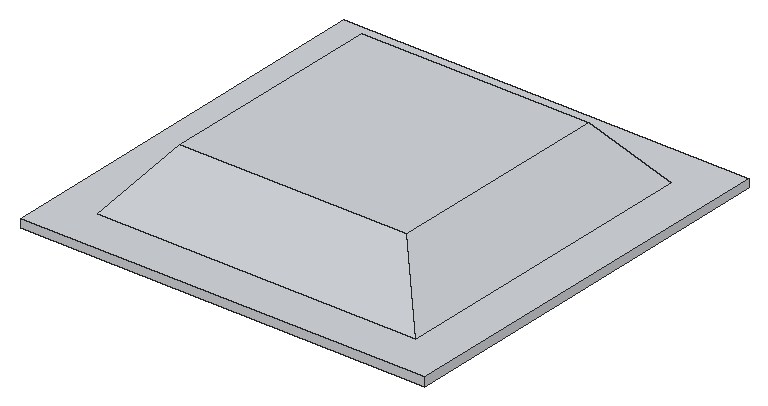
Revit family "Difusor de retorno - Quadrado", category Terminais de ar, Revit 2019
Family settings
  Cota do conector redondo = Utilizar diâmetro
  Tipo de parte = Normal
  ID de item do Seek = Supply Diffuser - Rectangular Face Round Neck-0000-CAN-ENU
  Com base no plano de trabalho = Não
  Sempre na vertical = Sim
  Corte com vazios quando carregada = Não
  Compartilhado = Não
  Ponto de cálculo do ambiente = Não
Parameters (values of type "Padrão")
  Queda de pressão [instance] = 0.0 Pa
  Largura da lâmina 4 = Largura da grelha * 4 / 5  # 195.2 mm
  Largura da lâmina 3 = Largura da grelha * 3 / 5  # 146.4 mm
  Largura da lâmina 2 = Largura da grelha * 2 / 5  # 97.6 mm
  Largura da lâmina 1 = Largura da grelha * 1 / 5  # 48.8 mm
  Largura da grelha = 244 mm
  Material do difusor = none
  Altura do difusor = 40 mm
  Largura do difusor = 192 mm
  UpFlowArrow [instance] = yes
  Largura do difusor 2 = Largura do difusor - 55 mm  # 137 mm
  RightFlowArrow [instance] = yes
  LeftFlowArrow [instance] = yes
  Fluxo [instance] = 0.0 L/s
  Largura do duto = 150 mm
  DownFlowArrow [instance] = yes
  Assembly Code = ""
Reference planes
  plane 1 "Centro (frente/trás)": y = 0
  plane 2: z = 0
  plane 3 "Centro (direita/esquerda)": x = 0
  plane 4: x = 457.2
  plane 5: y = 457.2
  plane 6: x = -457.2
  plane 7: y = -457.2
  plane 8 "Face da grelha": z = -5
  plane 9 "Inferior": z = 0
  plane 10 "Superior": z = 35
  plane 11 "Esquerda da grelha": x = -122
  plane 12 "Direita da grelha": x = 122
  plane 13 "Traseira da grelha": y = 122
  plane 14 "Frente da grelha": y = -122
  plane 15 "Esquerda": x = -96
  plane 16 "Direita": x = 96
  plane 17 "Parte posterior": y = 96
  plane 18 "Parte frontal": y = -96
  plane 19 "Frente superior do difusor": y = -68.5
  plane 20 "Traseira superior do difusor": y = 68.5
  plane 21 "Direita superior do difusor": x = 68.5
  plane 22 "Esquerda superior do difusor": x = -68.5
  plane 23 "Direita da lâmina 4": x = 97.6
  plane 24 "Frente da lâmina 4": y = -97.6
  plane 25 "Traseira da lâmina 4": y = 97.6
  plane 26 "Esquerda da lâmina 4": x = -97.6
  plane 27 "Traseira da lâmina 3": y = 73.2
  plane 28 "Frente da lâmina 3": y = -73.2
  plane 29 "Esquerda da lâmina 3": x = -73.2
  plane 30 "Direita da lâmina 3": x = 73.2
  plane 31 "Traseira da lâmina 2": y = 48.8
  plane 32 "Frente da lâmina 2": y = -48.8
  plane 33 "Direita da lâmina 2": x = 48.8
  plane 34 "Esquerda da lâmina 2": x = -48.8
  plane 35 "Esquerda da lâmina 1": x = -24.4
  plane 36 "Direita da lâmina 1": x = 24.4
  plane 37 "Traseira a lâmina 1": y = 24.4
  plane 38 "Frente da lâmina 1": y = -24.4
Forms (mm)
  Blend 1, solid, material <- "Material do difusor"
    base sketch origin (0, 0, 0) x (1, 0, 0) y (0, 1, 0)
      loop
        line (-96, 96) -> (-96, -96) -> (96, -96) -> (96, 96) -> (-96, 96)
    top sketch origin (0, 0, 0) x (1, 0, 0) y (0, 1, 0)
      loop
        line (-68.5, 68.5) -> (-68.5, -68.5) -> (68.5, -68.5) -> (68.5, 68.5) -> (-68.5, 68.5)
    from 0 to 35
  Extrusion 2, solid, material <- "Material do difusor"
    sketch origin (0, 0, 0) x (1, 0, 0) y (0, 1, 0)
      loop
        line (-122, 122) -> (-122, -122) -> (122, -122) -> (122, 122) -> (-122, 122)
    from 0 to -5
Lines and regions (mm)
  symbolic lines
    curve 1: line (-96, 96, 0) -> (96, 96, 0)
    curve 2: line (96, 96, 0) -> (96, -96, 0)
    curve 3: line (96, -96, 0) -> (-96, -96, 0)
    curve 4: line (-96, -96, 0) -> (-96, 96, 0)
    curve 5: line (-96, 96, 0) -> (96, -96, 0)
    curve 6: line (-96, -96, 0) -> (96, 96, 0)
  model lines
    curve 7: line (-24.4, 24.4, -5) -> (24.4, 24.4, -5)
    curve 8: line (-24.4, -24.4, -5) -> (-24.4, 24.4, -5)
    curve 9: line (24.4, -24.4, -5) -> (-24.4, -24.4, -5)
    curve 10: line (24.4, 24.4, -5) -> (24.4, -24.4, -5)
    curve 11: line (-48.8, 48.8, -5) -> (48.8, 48.8, -5)
    curve 12: line (-48.8, -48.8, -5) -> (-48.8, 48.8, -5)
    curve 13: line (48.8, -48.8, -5) -> (-48.8, -48.8, -5)
    curve 14: line (48.8, 48.8, -5) -> (48.8, -48.8, -5)
    curve 15: line (-73.2, 73.2, -5) -> (73.2, 73.2, -5)
    curve 16: line (-73.2, -73.2, -5) -> (-73.2, 73.2, -5)
    curve 17: line (73.2, -73.2, -5) -> (-73.2, -73.2, -5)
    curve 18: line (73.2, 73.2, -5) -> (73.2, -73.2, -5)
    curve 19: line (-97.6, 97.6, -5) -> (97.6, 97.6, -5)
    curve 20: line (-97.6, -97.6, -5) -> (-97.6, 97.6, -5)
    curve 21: line (97.6, -97.6, -5) -> (-97.6, -97.6, -5)
    curve 22: line (97.6, 97.6, -5) -> (97.6, -97.6, -5)
Dimensions and locks
  "Largura da grelha": nested 3 to plane 3 "Centro (direita/esquerda)"
  "Largura da grelha": nested 2 to plane 1 "Centro (frente/trás)"
  "Largura da grelha": plane 3 "Centro (direita/esquerda)" to nested 1
  "Largura da grelha": nested 4 to plane 1 "Centro (frente/trás)"
  locked: plane 9 "Inferior" to plane 8 "Face da grelha" at 5
  "Altura do difusor": plane 10 "Superior" to plane 8 "Face da grelha"
  equal spacing: plane 11 "Esquerda da grelha", plane 3 "Centro (direita/esquerda)", plane 12 "Direita da grelha"
  "Largura da grelha": plane 11 "Esquerda da grelha" to plane 12 "Direita da grelha"
  equal spacing: plane 13 "Traseira da grelha", plane 1 "Centro (frente/trás)", plane 14 "Frente da grelha"
  "Largura da grelha": plane 13 "Traseira da grelha" to plane 14 "Frente da grelha"
  equal spacing: plane 18 "Parte frontal", plane 1 "Centro (frente/trás)", plane 17 "Parte posterior"
  "Largura do difusor": plane 17 "Parte posterior" to plane 18 "Parte frontal"
  equal spacing: plane 15 "Esquerda", plane 3 "Centro (direita/esquerda)", plane 16 "Direita"
  "Largura do difusor": plane 15 "Esquerda" to plane 16 "Direita"
  equal spacing: plane 20 "Traseira superior do difusor", plane 1 "Centro (frente/trás)", plane 19 "Frente superior do difusor"
  "Largura do difusor 2": plane 20 "Traseira superior do difusor" to plane 19 "Frente superior do difusor"
  "Largura do difusor 2": plane 22 "Esquerda superior do difusor" to plane 21 "Direita superior do difusor"
  equal spacing: plane 22 "Esquerda superior do difusor", plane 3 "Centro (direita/esquerda)", plane 21 "Direita superior do difusor"
  equal spacing: plane 26 "Esquerda da lâmina 4", plane 3 "Centro (direita/esquerda)", plane 23 "Direita da lâmina 4"
  "Largura da lâmina 4": plane 26 "Esquerda da lâmina 4" to plane 23 "Direita da lâmina 4"
  equal spacing: plane 24 "Frente da lâmina 4", plane 1 "Centro (frente/trás)", plane 25 "Traseira da lâmina 4"
  "Largura da lâmina 4": plane 24 "Frente da lâmina 4" to plane 25 "Traseira da lâmina 4"
  equal spacing: plane 29 "Esquerda da lâmina 3", plane 3 "Centro (direita/esquerda)", plane 30 "Direita da lâmina 3"
  "Largura da lâmina 3": plane 29 "Esquerda da lâmina 3" to plane 30 "Direita da lâmina 3"
  equal spacing: plane 28 "Frente da lâmina 3", plane 1 "Centro (frente/trás)", plane 27 "Traseira da lâmina 3"
  "Largura da lâmina 3": plane 28 "Frente da lâmina 3" to plane 27 "Traseira da lâmina 3"
  equal spacing: plane 31 "Traseira da lâmina 2", plane 1 "Centro (frente/trás)", plane 32 "Frente da lâmina 2"
  "Largura da lâmina 2": plane 32 "Frente da lâmina 2" to plane 31 "Traseira da lâmina 2"
  equal spacing: plane 34 "Esquerda da lâmina 2", plane 3 "Centro (direita/esquerda)", plane 33 "Direita da lâmina 2"
  "Largura da lâmina 2": plane 34 "Esquerda da lâmina 2" to plane 33 "Direita da lâmina 2"
  equal spacing: plane 37 "Traseira a lâmina 1", plane 1 "Centro (frente/trás)", plane 38 "Frente da lâmina 1"
  "Largura da lâmina 1": plane 38 "Frente da lâmina 1" to plane 37 "Traseira a lâmina 1"
  equal spacing: plane 35 "Esquerda da lâmina 1", plane 3 "Centro (direita/esquerda)", plane 36 "Direita da lâmina 1"
  "Largura da lâmina 1": plane 35 "Esquerda da lâmina 1" to plane 36 "Direita da lâmina 1"
  aligned and locked: curve 1 to Blend 1
  aligned and locked: curve 2 to Blend 1
  aligned and locked: curve 3 to Blend 1
  aligned and locked: curve 4 to Blend 1
  aligned and locked: plane 3 "Centro (direita/esquerda)" to nested 2
  aligned and locked: plane 1 "Centro (frente/trás)" to nested 1
  aligned and locked: nested 4 to plane 3 "Centro (direita/esquerda)"
  aligned and locked: nested 3 to plane 1 "Centro (frente/trás)"
  aligned and locked: plane 2 to plane 9 "Inferior"
  aligned and locked: plane 10 "Superior" to Blend 1
  aligned and locked: Extrusion 2 to plane 9 "Inferior"
  aligned and locked: Extrusion 2 to plane 8 "Face da grelha"
  aligned and locked: Extrusion 2 sketch curve to plane 13 "Traseira da grelha"
  aligned and locked: plane 11 "Esquerda da grelha" to Extrusion 2 sketch curve
  aligned and locked: plane 14 "Frente da grelha" to Extrusion 2 sketch curve
  aligned and locked: Extrusion 2 sketch curve to plane 12 "Direita da grelha"
  aligned and locked: Blend 1 sketch curve to plane 17 "Parte posterior"
  aligned and locked: plane 15 "Esquerda" to Blend 1 sketch curve
  aligned and locked: Blend 1 sketch curve to plane 18 "Parte frontal"
  aligned and locked: plane 16 "Direita" to Blend 1 sketch curve
  aligned and locked: Blend 1 sketch curve to plane 19 "Frente superior do difusor"
  aligned and locked: plane 22 "Esquerda superior do difusor" to Blend 1 sketch curve
  aligned and locked: Blend 1 sketch curve to plane 20 "Traseira superior do difusor"
  aligned and locked: plane 21 "Direita superior do difusor" to Blend 1 sketch curve
  aligned and locked: curve 20 to plane 26 "Esquerda da lâmina 4"
  aligned and locked: plane 25 "Traseira da lâmina 4" to curve 19
  aligned and locked: curve 22 to plane 23 "Direita da lâmina 4"
  aligned and locked: plane 24 "Frente da lâmina 4" to curve 21
  aligned and locked: curve 16 to plane 29 "Esquerda da lâmina 3"
  aligned and locked: plane 28 "Frente da lâmina 3" to curve 17
  aligned and locked: curve 18 to plane 30 "Direita da lâmina 3"
  aligned and locked: plane 27 "Traseira da lâmina 3" to curve 15
  aligned and locked: plane 32 "Frente da lâmina 2" to curve 13
  aligned and locked: curve 14 to plane 33 "Direita da lâmina 2"
  aligned and locked: plane 31 "Traseira da lâmina 2" to curve 11
  aligned and locked: curve 12 to plane 34 "Esquerda da lâmina 2"
  aligned and locked: curve 8 to plane 35 "Esquerda da lâmina 1"
  aligned and locked: plane 37 "Traseira a lâmina 1" to curve 7
  aligned and locked: curve 10 to plane 36 "Direita da lâmina 1"
  aligned and locked: plane 38 "Frente da lâmina 1" to curve 9
Nested families
  nested 1: "Seta do terminal do duto" at (244, 0, 0) x (-1, 0, 0) z (0, 0, 1), visible <- "RightFlowArrow", type "Seta do terminal do duto"
  nested 2: "Seta do terminal do duto" at (0, 244, 0) x (0, -1, 0) z (0, 0, 1), visible <- "UpFlowArrow", type "Seta do terminal do duto"
  nested 3: "Seta do terminal do duto" at (-244, 0, 0), visible <- "LeftFlowArrow", type "Seta do terminal do duto"
  nested 4: "Seta do terminal do duto" at (0, -244, 0) x (0, 1, 0) z (0, 0, 1), visible <- "DownFlowArrow", type "Seta do terminal do duto"
Connectors
  hvac at (0, 0, 35), driven by "Queda de pressão", driven by "Fluxo", driven by "Largura do duto", driven by "Largura do duto"
    settings: on Blend 1, index 1, duct flow 0.0 L/s, flow factor 0, pres drop 0.0 Pa, loss coef 0, conn angle 0.00°, conn width 150 mm, conn height 150 mm, conn diameter 150 mm, duct sys type 2, conn prof type 1, flow config 1, flow direction 2, loss method 4, conn ref index -1, conn util no, is conn primary yes, conn desc "Saída de ar"
Definition of nested family "Seta do terminal do duto"
  Parameters
    Largura = 600 mm
    Visibilidade 1 = yes
    Visibilidade 2 = no
    Comprimento 4 = (Meio comprimento 1 - Comprimento 5 * sin(20.00°) * 4) / 2  # 70.515 mm
    Comprimento 5 = Comprimento 2 * tan(20.00°)  # 116.199 mm
    Comprimento 3 = Comprimento 2 * 0.5  # 159.627 mm
    Comprimento 2 = Meio comprimento 1 / cos(20.00°)  # 319.253 mm
    Comprimento 1 = if(Altura > Largura, Altura, Largura)  # 600 mm
    Altura = 600 mm
    Meio comprimento 1 = Comprimento 1 * 0.5  # 300 mm
    Assembly Code = ""
  Reference planes
    plane 1 "Centro (Frente/Trás)": y = 0
    plane 2: z = 0
    plane 3 "Centro (Esquerda/Direita)": x = 0
  Lines and regions (mm)
    Filled region 1, type "Tijolo", in view "Nível de referência", visible <- "Visibilidade 1"
      outline origin (0, 0, 0) x (1, 0, 0) y (0, 1, 0)
        loop
          line (600, 0) -> (300, 109.191) -> (300, -109.191) -> (600, 0)
    Filled region 2, type "Preenchimento sólido - Preto", in view "Nível de referência", visible <- "Visibilidade 2"
      outline origin (0, 0, 0) x (1, 0, 0) y (0, 1, 0)
        loop
          line (-300, 109.191) -> (-300, -109.191) -> (0, 0) -> (-300, 109.191)
    detail lines, in view "Nível de referência", visible <- "Visibilidade 1"
      curve 1: line (0, 0, 0) -> (600, 0, 0)
      curve 2: line (600, 0, 0) -> (300, 109.191, 0)
      curve 3: line (600, 0, 0) -> (300, -109.191, 0)
      curve 4: line (300, 109.191, 0) -> (300, -109.191, 0)
    detail lines, in view "Nível de referência", visible <- "Visibilidade 2"
      curve 5: line (-300, 0, 0) -> (0, 0, 0)
      curve 6: line (0, 0, 0) -> (-300, 109.191, 0)
      curve 7: line (0, 0, 0) -> (-300, -109.191, 0)
      curve 8: line (-300, 109.191, 0) -> (-300, -109.191, 0)
      curve 9: line (-300, 0, 0) -> (-370.515, 0, 0)
      curve 10: line (-370.515, 0, 0) -> (-410.258, 109.191, 0)
      curve 11: line (-450, 0, 0) -> (-410.258, 109.191, 0)
      curve 12: line (-450, 0, 0) -> (-489.742, -109.191, 0)
      curve 13: line (-529.485, 0, 0) -> (-489.742, -109.191, 0)
      curve 14: line (-529.485, 0, 0) -> (-600, 0, 0)
  Dimensions and locks
    "Comprimento 1": curve 1 to curve 1
    "Comprimento 2": curve 2 to curve 2
    "Comprimento 2": curve 3 to curve 3
    "Meio comprimento 1": curve 5 to curve 5
    "Comprimento 2": curve 6 to curve 6
    "Comprimento 2": curve 7 to curve 7
    "Comprimento 4": curve 9 to curve 9
    "Comprimento 5": curve 10 to curve 10
    "Comprimento 5": curve 11 to curve 11
    "Comprimento 5": curve 12 to curve 12
    "Comprimento 5": curve 13 to curve 13
    "Comprimento 4": curve 14 to curve 14
    locked: curve 2 to curve 1 (angle 20.00°)
    locked: curve 6 to curve 5 (angle 20.00°)
    locked: curve 9 to curve 10 (angle 110.00°)
    locked: curve 11 to curve 12 (angle 180.00°)
    aligned and locked: plane 1 "Centro (Frente/Trás)" to curve 1
    aligned and locked: Filled region 1 sketch curve to curve 2
    aligned and locked: Filled region 1 sketch curve to curve 3
    aligned and locked: Filled region 1 sketch curve to curve 4
    aligned and locked: plane 1 "Centro (Frente/Trás)" to curve 5
    aligned and locked: plane 3 "Centro (Esquerda/Direita)" to curve 5
    aligned and locked: Filled region 2 sketch curve to curve 8
    aligned and locked: Filled region 2 sketch curve to curve 6
    aligned and locked: Filled region 2 sketch curve to curve 7
    aligned and locked: curve 14 to plane 1 "Centro (Frente/Trás)"
  Automatic sketch dimensions
    plane 1 "Centro (Frente/Trás)" to curve 12 = 0 mm
Types in the file's own list only (11): name | Largura da lâmina 4 | Largura da lâmina 3 | Largura da lâmina 2 | Largura da lâmina 1 | Largura da grelha | Largura do difusor | Largura do difusor 2 | Largura do duto
  192 x 192 | 195 mm | 146 mm | 98 mm | 49 mm | 244 mm | 192 mm | 137 mm | 150 mm
  248 x 248 | 240 mm | 180 mm | 120 mm | 60 mm | 300 mm | 248 mm | 193 mm | 200 mm
  304 x 304 | 285 mm | 214 mm | 142 mm | 71 mm | 356 mm | 304 mm | 249 mm | 250 mm
  360 x 360 | 330 mm | 247 mm | 165 mm | 82 mm | 412 mm | 360 mm | 305 mm | 300 mm
  416 x 416 | 374 mm | 281 mm | 187 mm | 94 mm | 468 mm | 416 mm | 361 mm | 375 mm
  446 x 446 | 398 mm | 299 mm | 199 mm | 100 mm | 498 mm | 446 mm | 391 mm | 400 mm
  546 x 546 | 478 mm | 359 mm | 239 mm | 120 mm | 598 mm | 546 mm | 491 mm | 500 mm
  571 x 571 | 498 mm | 374 mm | 249 mm | 125 mm | 623 mm | 571 mm | 516 mm | 550 mm
  642 x 642 | 555 mm | 416 mm | 278 mm | 139 mm | 694 mm | 642 mm | 587 mm | 600 mm
  698 x 698 | 600 mm | 450 mm | 300 mm | 150 mm | 750 mm | 698 mm | 643 mm | 650 mm
  754 x 754 | 645 mm | 484 mm | 322 mm | 161 mm | 806 mm | 754 mm | 699 mm | 700 mm
